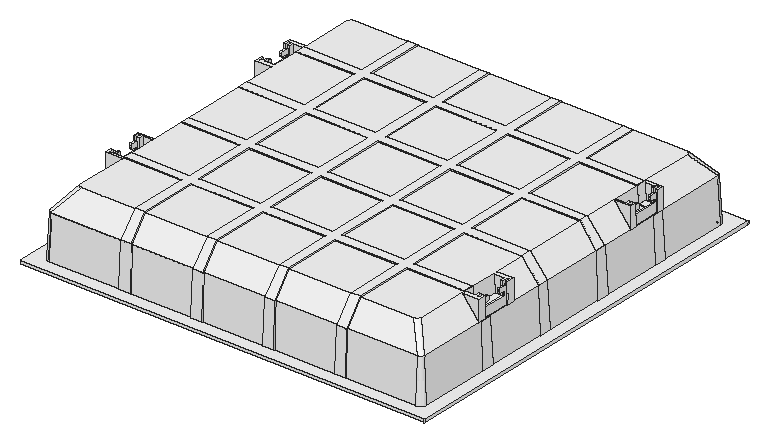
Revit family "STL24910BR_30_40_STL24910PTO_30_40", category Luminárias, Revit 2023
Family settings
  Hospedeiro = Forro
  Cota do conector redondo = Utilizar diâmetro
  Tipo de parte = Normal
  Número OmniClass = 23.80.70.11
  Título OmniClass = Luminaries for Internal Lighting
  Sempre na vertical = Sim
  Corte com vazios quando carregada = Não
  Fonte luminosa = Sim
  Manter orientação da anotação = Não
  Compartilhado = Não
  Ponto de cálculo do ambiente = Não
Parameters (values of type "STL24910BR/30 - BIVOLT - 3000K - 2400lm - 85°")
  Ângulo de inclinação = 90.00°
  Ângulo de Abertura = "85°"
  Wattage = 16.1571 W
  URL = "https://stella.com.br/"
  Troca de temperatura da cor de lâmpada com esmaecimento = <Nenhum>
  Tensão Elétrica = "220V"
  built-in parameter 1150107 = 3000 (stored number, unit not read)
  Temperatura da cor (K) = 3000 K
  Referência = "STL24910BR/30 - BIVOLT"
  Potência = 26 W
  built-in parameter 1150110 = 1 (stored number, unit not read)
  built-in parameter 1150109 = 1 (stored number, unit not read)
  built-in parameter 1114218 = 1 (stored number, unit not read)
  built-in parameter 1150112 = 1 (stored number, unit not read)
  built-in parameter 1150113 = 1 (stored number, unit not read)
  built-in parameter 1150132 = 2
  built-in parameter 1150137 = (empty or 0)
  Modelo = "S.Deep - Luminária de Embutir Super-recuada"
  Luminoso = Luminoso - 3000K
  built-in parameter 1150106 = 12.335 (stored number, unit not read)
  Largura = 0.40 m
  built-in parameter 1150102 = (empty or 0)
  built-in parameter 1150105 = 1233.5 (stored number, unit not read)
  IRC (Índice de reprodução de cores) = ">93 (R9 >60)"
  Grau de proteção (IP) = "IP20"
  Fluxo Luminoso = 2400 lm
  Color Filter = 16777215
  built-in parameter 1114217 = 1 (stored number, unit not read)
  built-in parameter 1150139 = (empty or 0)
  Fabricante = "Stella"
  Estrutura = Al - Branco
  Default Elevation = 0.00 m
  built-in parameter 1150104 = 13.8 (stored number, unit not read)
  Dimerização = "20-100%"
  built-in parameter 1150115 = 1 (stored number, unit not read)
  built-in parameter 1150114 = 1 (stored number, unit not read)
  Lumens = 2400 lm
  built-in parameter 1150138 = (empty or 0)
  built-in parameter 1150134 = (empty or 0)
  Comprimento = 0.40 m
  Arquivo de rede fotométrica = "STELLA - STL24910BR-30 - PAINEL DE EMBUTIR SUPER RECUADO S.DEEP 26W.IES"
  Altura = 0.067 m
  built-in parameter 1150133 = 10 (stored number, unit not read)
Reference planes (m)
  plane 1 "Eixo de origem da luz (F/T)": y = 0
  plane 2: z = 0
  plane 3 "Eixo de origem da luz (E/D)": x = 0
  plane 4 "Forro": z = 2.5015
  plane 5 "Elevação da origem da luz": z = 2.5085
  plane 6: x = -0.2
  plane 7: x = 0.2
  plane 8: y = -0.2
  plane 9: y = 0.2
  plane 10: z = 2.4985
  plane 11 "Superior": z = 2.5655
Forms (m)
  Sweep 1, solid, material "Al - Branco" <- "Estrutura"
    path origin (0, 0, 2.5015) x (0, 1, 0) y (-1, 0, 0)
      loop
        line (0.181131, 0.187123) -> (-0.181131, 0.187123)
        arc (-0.181131, 0.187123) -> (-0.185368, 0.185368) -> (-0.187123, 0.181131) r 0.005992
        line (-0.187123, 0.181131) -> (-0.187123, -0.181131)
        arc (-0.187123, -0.181131) -> (-0.185368, -0.185368) -> (-0.181131, -0.187123) r 0.005992
        line (-0.181131, -0.187123) -> (0.181131, -0.187123)
        arc (0.181131, -0.187123) -> (0.185368, -0.185368) -> (0.187123, -0.181131) r 0.005992
        line (0.187123, -0.181131) -> (0.187123, 0.181131)
        arc (0.187123, 0.181131) -> (0.185368, 0.185368) -> (0.181131, 0.187123) r 0.005992
    profile origin (-0.187123, 0, 2.5015) x (-1, 0, 0) y (0, 0, 1)
      loop
        line (-0.004191, 0.041751) -> (-0.002003, 0) -> (0, 0) -> (-0.002227, 0.0425) -> (-0.004191, 0.041751)
  Blend 2, solid, material "Al - Branco" <- "Estrutura"
    base sketch origin (0, 0, 2.5015) x (0, 1, 0) y (-1, 0, 0)
      loop
        arc (0.184896, 0.181131) -> (0.183793, 0.183793) -> (0.181131, 0.184896) r 0.003764
        line (0.181131, 0.184896) -> (-0.181131, 0.184896)
        arc (-0.181131, 0.184896) -> (-0.183793, 0.183793) -> (-0.184896, 0.181131) r 0.003764
        line (-0.184896, 0.181131) -> (-0.184896, -0.181131)
        arc (-0.184896, -0.181131) -> (-0.183793, -0.183793) -> (-0.181131, -0.184896) r 0.003764
        line (-0.181131, -0.184896) -> (0.181131, -0.184896)
        arc (0.181131, -0.184896) -> (0.183793, -0.183793) -> (0.184896, -0.181131) r 0.003764
        line (0.184896, -0.181131) -> (0.184896, 0.181131)
    top sketch origin (0, 0, 2.5015) x (0, 1, 0) y (-1, 0, 0)
      loop
        arc (0.16832, 0.163831) -> (0.167005, 0.167005) -> (0.163831, 0.16832) r 0.004489
        line (0.163831, 0.16832) -> (-0.163831, 0.16832)
        arc (-0.163831, 0.16832) -> (-0.167005, 0.167005) -> (-0.16832, 0.163831) r 0.004489
        line (-0.16832, 0.163831) -> (-0.16832, -0.163831)
        arc (-0.16832, -0.163831) -> (-0.167005, -0.167005) -> (-0.163831, -0.16832) r 0.004489
        line (-0.163831, -0.16832) -> (0.163831, -0.16832)
        arc (0.163831, -0.16832) -> (0.167005, -0.167005) -> (0.16832, -0.163831) r 0.004489
        line (0.16832, -0.163831) -> (0.16832, 0.163831)
    from 0.0425 to 0.0631
  Extrusion 3, solid, material "Al - Branco" <- "Estrutura"
    sketch origin (0, 0, 0) x (1, 0, 0) y (0, 0, 1)
      loop
        line (0.16832, 2.5646) -> (0.16832, 2.543251) -> (0.182932, 2.543251) -> (0.184896, 2.544) -> (0.184536, 2.5646) -> (0.16832, 2.5646)
    from -0.114467 to -0.071058
  Extrusion 4, void
    sketch origin (0, 0, 0) x (0, 1, 0) y (0, 0, 1)
      loop
        line (0.113143, 2.54173) -> (0.115219, 2.54173) -> (0.115219, 2.56606) -> (0.112725, 2.56606) -> (0.113143, 2.54173)
      loop
        line (0.072857, 2.54173) -> (0.073275, 2.56606) -> (0.070781, 2.56606) -> (0.070781, 2.54173) -> (0.072857, 2.54173)
    from 0.16812 to 0.18512
  Extrusion 5, void
    sketch origin (0, 0, 2.5015) x (0, 1, 0) y (-1, 0, 0)
      loop
        line (0.10689, -0.178482) -> (0.110469, -0.178482) -> (0.110469, -0.166955) -> (0.07554, -0.166955) -> (0.07554, -0.178482) -> (0.079118, -0.178482) -> (0.079118, -0.180798) -> (0.075294, -0.180798) -> (0.075294, -0.182998) -> (0.079118, -0.182998) -> (0.079118, -0.186216) -> (0.10689, -0.186216) -> (0.10689, -0.182998) -> (0.110715, -0.182998) -> (0.110715, -0.180798) -> (0.10689, -0.180798) -> (0.10689, -0.178482)
    from 0.0425 to 0.0636
  Extrusion 6, void
    sketch origin (0, 0, 0) x (1, 0, 0) y (0, 0, 1)
      loop
        line (0.178784, 2.5485) -> (0.178863, 2.544) -> (0.185077, 2.544) -> (0.185077, 2.565984) -> (0.168199, 2.565984) -> (0.169729, 2.5485) -> (0.178784, 2.5485)
    from -0.110469 to -0.07554
  Extrusion 7, solid, material "Al - Branco" <- "Estrutura"
    sketch origin (0, 0, 0) x (0, 1, 0) y (0, 0, 1)
      loop
        arc (0.0775, 2.561) -> (0.076086, 2.560414) -> (0.0755, 2.559) r 0.002
        line (0.0755, 2.559) -> (0.0755, 2.5419) -> (0.0725, 2.5419)
        arc (0.0725, 2.5419) -> (0.071793, 2.541607) -> (0.0715, 2.5409) r 0.001
        line (0.0715, 2.5409) -> (0.0715, 2.5389)
        arc (0.0715, 2.5389) -> (0.071793, 2.538193) -> (0.0725, 2.5379) r 0.001
        line (0.0725, 2.5379) -> (0.1135, 2.5379)
        arc (0.1135, 2.5379) -> (0.114207, 2.538193) -> (0.1145, 2.5389) r 0.001
        line (0.1145, 2.5389) -> (0.1145, 2.5409)
        arc (0.1145, 2.5409) -> (0.114207, 2.541607) -> (0.1135, 2.5419) r 0.001
        line (0.1135, 2.5419) -> (0.1105, 2.5419) -> (0.1105, 2.559)
        arc (0.1105, 2.559) -> (0.109914, 2.560414) -> (0.1085, 2.561) r 0.002
        line (0.1085, 2.561) -> (0.101, 2.561)
        arc (0.101, 2.561) -> (0.100293, 2.560707) -> (0.1, 2.56) r 0.001
        line (0.1, 2.56) -> (0.1, 2.5575)
        arc (0.1, 2.5575) -> (0.100293, 2.556793) -> (0.101, 2.5565) r 0.001
        line (0.101, 2.5565) -> (0.106, 2.5565)
        arc (0.106, 2.5565) -> (0.106354, 2.556354) -> (0.1065, 2.556) r 0.0005
        line (0.1065, 2.556) -> (0.1065, 2.5529)
        arc (0.1065, 2.5529) -> (0.106354, 2.552546) -> (0.106, 2.5524) r 0.0005
        line (0.106, 2.5524) -> (0.08, 2.5524)
        arc (0.08, 2.5524) -> (0.079646, 2.552546) -> (0.0795, 2.5529) r 0.0005
        line (0.0795, 2.5529) -> (0.0795, 2.556)
        arc (0.0795, 2.556) -> (0.079646, 2.556354) -> (0.08, 2.5565) r 0.0005
        line (0.08, 2.5565) -> (0.085, 2.5565)
        arc (0.085, 2.5565) -> (0.085707, 2.556793) -> (0.086, 2.5575) r 0.001
        line (0.086, 2.5575) -> (0.086, 2.56)
        arc (0.086, 2.56) -> (0.085707, 2.560707) -> (0.085, 2.561) r 0.001
        line (0.085, 2.561) -> (0.0775, 2.561)
    from 0.180898 to 0.182898
  Extrusion 8, solid, material "Al - Branco" <- "Estrutura"
    sketch origin (0, 0, 0) x (1, 0, 0) y (0, 0, -1)
      loop
        line (0.16832, -2.5646) -> (0.184536, -2.5646) -> (0.184896, -2.544) -> (0.182932, -2.543251) -> (0.16832, -2.543251) -> (0.16832, -2.5646)
    from -0.114467 to -0.071058
  Extrusion 9, void
    sketch origin (0, 0, 0) x (0, -1, 0) y (0, 0, -1)
      loop
        line (0.113143, -2.54173) -> (0.112725, -2.56606) -> (0.115219, -2.56606) -> (0.115219, -2.54173) -> (0.113143, -2.54173)
      loop
        line (0.072857, -2.54173) -> (0.070781, -2.54173) -> (0.070781, -2.56606) -> (0.073275, -2.56606) -> (0.072857, -2.54173)
    from 0.16812 to 0.18512
  Extrusion 10, void
    sketch origin (0, 0, 2.5015) x (0, 1, 0) y (-1, 0, 0)
      loop
        line (-0.10689, -0.178482) -> (-0.10689, -0.180798) -> (-0.110715, -0.180798) -> (-0.110715, -0.182998) -> (-0.10689, -0.182998) -> (-0.10689, -0.186216) -> (-0.079118, -0.186216) -> (-0.079118, -0.182998) -> (-0.075294, -0.182998) -> (-0.075294, -0.180798) -> (-0.079118, -0.180798) -> (-0.079118, -0.178482) -> (-0.07554, -0.178482) -> (-0.07554, -0.166955) -> (-0.110469, -0.166955) -> (-0.110469, -0.178482) -> (-0.10689, -0.178482)
    from 0.0425 to 0.0636
  Extrusion 11, void
    sketch origin (0, 0, 0) x (1, 0, 0) y (0, 0, -1)
      loop
        line (0.178784, -2.5485) -> (0.169729, -2.5485) -> (0.168199, -2.565984) -> (0.185077, -2.565984) -> (0.185077, -2.544) -> (0.178863, -2.544) -> (0.178784, -2.5485)
    from -0.110469 to -0.07554
  Extrusion 12, solid, material "Al - Branco" <- "Estrutura"
    sketch origin (0, 0, 0) x (0, -1, 0) y (0, 0, -1)
      loop
        line (0.0775, -2.561) -> (0.085, -2.561)
        arc (0.085, -2.561) -> (0.085707, -2.560707) -> (0.086, -2.56) r 0.001
        line (0.086, -2.56) -> (0.086, -2.5575)
        arc (0.086, -2.5575) -> (0.085707, -2.556793) -> (0.085, -2.5565) r 0.001
        line (0.085, -2.5565) -> (0.08, -2.5565)
        arc (0.08, -2.5565) -> (0.079646, -2.556354) -> (0.0795, -2.556) r 0.0005
        line (0.0795, -2.556) -> (0.0795, -2.5529)
        arc (0.0795, -2.5529) -> (0.079646, -2.552546) -> (0.08, -2.5524) r 0.0005
        line (0.08, -2.5524) -> (0.106, -2.5524)
        arc (0.106, -2.5524) -> (0.106354, -2.552546) -> (0.1065, -2.5529) r 0.0005
        line (0.1065, -2.5529) -> (0.1065, -2.556)
        arc (0.1065, -2.556) -> (0.106354, -2.556354) -> (0.106, -2.5565) r 0.0005
        line (0.106, -2.5565) -> (0.101, -2.5565)
        arc (0.101, -2.5565) -> (0.100293, -2.556793) -> (0.1, -2.5575) r 0.001
        line (0.1, -2.5575) -> (0.1, -2.56)
        arc (0.1, -2.56) -> (0.100293, -2.560707) -> (0.101, -2.561) r 0.001
        line (0.101, -2.561) -> (0.1085, -2.561)
        arc (0.1085, -2.561) -> (0.109914, -2.560414) -> (0.1105, -2.559) r 0.002
        line (0.1105, -2.559) -> (0.1105, -2.5419) -> (0.1135, -2.5419)
        arc (0.1135, -2.5419) -> (0.114207, -2.541607) -> (0.1145, -2.5409) r 0.001
        line (0.1145, -2.5409) -> (0.1145, -2.5389)
        arc (0.1145, -2.5389) -> (0.114207, -2.538193) -> (0.1135, -2.5379) r 0.001
        line (0.1135, -2.5379) -> (0.0725, -2.5379)
        arc (0.0725, -2.5379) -> (0.071793, -2.538193) -> (0.0715, -2.5389) r 0.001
        line (0.0715, -2.5389) -> (0.0715, -2.5409)
        arc (0.0715, -2.5409) -> (0.071793, -2.541607) -> (0.0725, -2.5419) r 0.001
        line (0.0725, -2.5419) -> (0.0755, -2.5419) -> (0.0755, -2.559)
        arc (0.0755, -2.559) -> (0.076086, -2.560414) -> (0.0775, -2.561) r 0.002
    from 0.180898 to 0.182898
  Extrusion 13, solid, material "Al - Branco" <- "Estrutura"
    sketch origin (0, 0, 0) x (-1, 0, 0) y (0, 0, -1)
      loop
        line (0.16832, -2.5646) -> (0.184536, -2.5646) -> (0.184896, -2.544) -> (0.182932, -2.543251) -> (0.16832, -2.543251) -> (0.16832, -2.5646)
    from -0.114467 to -0.071058
  Extrusion 14, void
    sketch origin (0, 0, 0) x (0, 1, 0) y (0, 0, -1)
      loop
        line (0.113143, -2.54173) -> (0.112725, -2.56606) -> (0.115219, -2.56606) -> (0.115219, -2.54173) -> (0.113143, -2.54173)
      loop
        line (0.072857, -2.54173) -> (0.070781, -2.54173) -> (0.070781, -2.56606) -> (0.073275, -2.56606) -> (0.072857, -2.54173)
    from 0.16812 to 0.18512
  Extrusion 15, void
    sketch origin (0, 0, 2.5015) x (0, -1, 0) y (1, 0, 0)
      loop
        line (-0.10689, -0.178482) -> (-0.10689, -0.180798) -> (-0.110715, -0.180798) -> (-0.110715, -0.182998) -> (-0.10689, -0.182998) -> (-0.10689, -0.186216) -> (-0.079118, -0.186216) -> (-0.079118, -0.182998) -> (-0.075294, -0.182998) -> (-0.075294, -0.180798) -> (-0.079118, -0.180798) -> (-0.079118, -0.178482) -> (-0.07554, -0.178482) -> (-0.07554, -0.166955) -> (-0.110469, -0.166955) -> (-0.110469, -0.178482) -> (-0.10689, -0.178482)
    from 0.0425 to 0.0636
  Extrusion 16, void
    sketch origin (0, 0, 0) x (-1, 0, 0) y (0, 0, -1)
      loop
        line (0.178784, -2.5485) -> (0.169729, -2.5485) -> (0.168199, -2.565984) -> (0.185077, -2.565984) -> (0.185077, -2.544) -> (0.178863, -2.544) -> (0.178784, -2.5485)
    from -0.110469 to -0.07554
  Extrusion 17, solid, material "Al - Branco" <- "Estrutura"
    sketch origin (0, 0, 0) x (0, 1, 0) y (0, 0, -1)
      loop
        line (0.0775, -2.561) -> (0.085, -2.561)
        arc (0.085, -2.561) -> (0.085707, -2.560707) -> (0.086, -2.56) r 0.001
        line (0.086, -2.56) -> (0.086, -2.5575)
        arc (0.086, -2.5575) -> (0.085707, -2.556793) -> (0.085, -2.5565) r 0.001
        line (0.085, -2.5565) -> (0.08, -2.5565)
        arc (0.08, -2.5565) -> (0.079646, -2.556354) -> (0.0795, -2.556) r 0.0005
        line (0.0795, -2.556) -> (0.0795, -2.5529)
        arc (0.0795, -2.5529) -> (0.079646, -2.552546) -> (0.08, -2.5524) r 0.0005
        line (0.08, -2.5524) -> (0.106, -2.5524)
        arc (0.106, -2.5524) -> (0.106354, -2.552546) -> (0.1065, -2.5529) r 0.0005
        line (0.1065, -2.5529) -> (0.1065, -2.556)
        arc (0.1065, -2.556) -> (0.106354, -2.556354) -> (0.106, -2.5565) r 0.0005
        line (0.106, -2.5565) -> (0.101, -2.5565)
        arc (0.101, -2.5565) -> (0.100293, -2.556793) -> (0.1, -2.5575) r 0.001
        line (0.1, -2.5575) -> (0.1, -2.56)
        arc (0.1, -2.56) -> (0.100293, -2.560707) -> (0.101, -2.561) r 0.001
        line (0.101, -2.561) -> (0.1085, -2.561)
        arc (0.1085, -2.561) -> (0.109914, -2.560414) -> (0.1105, -2.559) r 0.002
        line (0.1105, -2.559) -> (0.1105, -2.5419) -> (0.1135, -2.5419)
        arc (0.1135, -2.5419) -> (0.114207, -2.541607) -> (0.1145, -2.5409) r 0.001
        line (0.1145, -2.5409) -> (0.1145, -2.5389)
        arc (0.1145, -2.5389) -> (0.114207, -2.538193) -> (0.1135, -2.5379) r 0.001
        line (0.1135, -2.5379) -> (0.0725, -2.5379)
        arc (0.0725, -2.5379) -> (0.071793, -2.538193) -> (0.0715, -2.5389) r 0.001
        line (0.0715, -2.5389) -> (0.0715, -2.5409)
        arc (0.0715, -2.5409) -> (0.071793, -2.541607) -> (0.0725, -2.5419) r 0.001
        line (0.0725, -2.5419) -> (0.0755, -2.5419) -> (0.0755, -2.559)
        arc (0.0755, -2.559) -> (0.076086, -2.560414) -> (0.0775, -2.561) r 0.002
    from 0.180898 to 0.182898
  Extrusion 18, solid, material "Al - Branco" <- "Estrutura"
    sketch origin (0, 0, 0) x (-1, 0, 0) y (0, 0, 1)
      loop
        line (0.16832, 2.5646) -> (0.16832, 2.543251) -> (0.182932, 2.543251) -> (0.184896, 2.544) -> (0.184536, 2.5646) -> (0.16832, 2.5646)
    from -0.114467 to -0.071058
  Extrusion 19, void
    sketch origin (0, 0, 0) x (0, -1, 0) y (0, 0, 1)
      loop
        line (0.113143, 2.54173) -> (0.115219, 2.54173) -> (0.115219, 2.56606) -> (0.112725, 2.56606) -> (0.113143, 2.54173)
      loop
        line (0.072857, 2.54173) -> (0.073275, 2.56606) -> (0.070781, 2.56606) -> (0.070781, 2.54173) -> (0.072857, 2.54173)
    from 0.16812 to 0.18512
  Extrusion 20, void
    sketch origin (0, 0, 2.5015) x (0, -1, 0) y (1, 0, 0)
      loop
        line (0.10689, -0.178482) -> (0.110469, -0.178482) -> (0.110469, -0.166955) -> (0.07554, -0.166955) -> (0.07554, -0.178482) -> (0.079118, -0.178482) -> (0.079118, -0.180798) -> (0.075294, -0.180798) -> (0.075294, -0.182998) -> (0.079118, -0.182998) -> (0.079118, -0.186216) -> (0.10689, -0.186216) -> (0.10689, -0.182998) -> (0.110715, -0.182998) -> (0.110715, -0.180798) -> (0.10689, -0.180798) -> (0.10689, -0.178482)
    from 0.0425 to 0.0636
  Extrusion 21, void
    sketch origin (0, 0, 0) x (-1, 0, 0) y (0, 0, 1)
      loop
        line (0.178784, 2.5485) -> (0.178863, 2.544) -> (0.185077, 2.544) -> (0.185077, 2.565984) -> (0.168199, 2.565984) -> (0.169729, 2.5485) -> (0.178784, 2.5485)
    from -0.110469 to -0.07554
  Extrusion 22, solid, material "Al - Branco" <- "Estrutura"
    sketch origin (0, 0, 0) x (0, -1, 0) y (0, 0, 1)
      loop
        arc (0.0775, 2.561) -> (0.076086, 2.560414) -> (0.0755, 2.559) r 0.002
        line (0.0755, 2.559) -> (0.0755, 2.5419) -> (0.0725, 2.5419)
        arc (0.0725, 2.5419) -> (0.071793, 2.541607) -> (0.0715, 2.5409) r 0.001
        line (0.0715, 2.5409) -> (0.0715, 2.5389)
        arc (0.0715, 2.5389) -> (0.071793, 2.538193) -> (0.0725, 2.5379) r 0.001
        line (0.0725, 2.5379) -> (0.1135, 2.5379)
        arc (0.1135, 2.5379) -> (0.114207, 2.538193) -> (0.1145, 2.5389) r 0.001
        line (0.1145, 2.5389) -> (0.1145, 2.5409)
        arc (0.1145, 2.5409) -> (0.114207, 2.541607) -> (0.1135, 2.5419) r 0.001
        line (0.1135, 2.5419) -> (0.1105, 2.5419) -> (0.1105, 2.559)
        arc (0.1105, 2.559) -> (0.109914, 2.560414) -> (0.1085, 2.561) r 0.002
        line (0.1085, 2.561) -> (0.101, 2.561)
        arc (0.101, 2.561) -> (0.100293, 2.560707) -> (0.1, 2.56) r 0.001
        line (0.1, 2.56) -> (0.1, 2.5575)
        arc (0.1, 2.5575) -> (0.100293, 2.556793) -> (0.101, 2.5565) r 0.001
        line (0.101, 2.5565) -> (0.106, 2.5565)
        arc (0.106, 2.5565) -> (0.106354, 2.556354) -> (0.1065, 2.556) r 0.0005
        line (0.1065, 2.556) -> (0.1065, 2.5529)
        arc (0.1065, 2.5529) -> (0.106354, 2.552546) -> (0.106, 2.5524) r 0.0005
        line (0.106, 2.5524) -> (0.08, 2.5524)
        arc (0.08, 2.5524) -> (0.079646, 2.552546) -> (0.0795, 2.5529) r 0.0005
        line (0.0795, 2.5529) -> (0.0795, 2.556)
        arc (0.0795, 2.556) -> (0.079646, 2.556354) -> (0.08, 2.5565) r 0.0005
        line (0.08, 2.5565) -> (0.085, 2.5565)
        arc (0.085, 2.5565) -> (0.085707, 2.556793) -> (0.086, 2.5575) r 0.001
        line (0.086, 2.5575) -> (0.086, 2.56)
        arc (0.086, 2.56) -> (0.085707, 2.560707) -> (0.085, 2.561) r 0.001
        line (0.085, 2.561) -> (0.0775, 2.561)
    from 0.180898 to 0.182898
  Sweep 23, solid, material "Al - Branco" <- "Estrutura"
    path origin (0, 0, 2.5015) x (0, 1, 0) y (-1, 0, 0)
      loop
        line (0.181131, 0.187123) -> (-0.181131, 0.187123)
        arc (-0.181131, 0.187123) -> (-0.185368, 0.185368) -> (-0.187123, 0.181131) r 0.005992
        line (-0.187123, 0.181131) -> (-0.187123, -0.181131)
        arc (-0.187123, -0.181131) -> (-0.185368, -0.185368) -> (-0.181131, -0.187123) r 0.005992
        line (-0.181131, -0.187123) -> (0.181131, -0.187123)
        arc (0.181131, -0.187123) -> (0.185368, -0.185368) -> (0.187123, -0.181131) r 0.005992
        line (0.187123, -0.181131) -> (0.187123, 0.181131)
        arc (0.187123, 0.181131) -> (0.185368, 0.185368) -> (0.181131, 0.187123) r 0.005992
    profile origin (-0.187123, 0, 2.5015) x (-1, 0, 0) y (0, 0, 1)
      loop
        line (-0.001502, 0) -> (0.0005, 0) -> (-0.001727, 0.0425) -> (-0.00369, 0.041751) -> (-0.001502, 0)
  Blend 24, solid, material "Al - Branco" <- "Estrutura"
    base sketch origin (0, 0, 2.5015) x (0, 1, 0) y (-1, 0, 0)
      loop
        arc (0.185396, 0.181131) -> (0.184147, 0.184147) -> (0.181131, 0.185396) r 0.004264
        line (0.181131, 0.185396) -> (-0.181131, 0.185396)
        arc (-0.181131, 0.185396) -> (-0.184147, 0.184147) -> (-0.185396, 0.181131) r 0.004264
        line (-0.185396, 0.181131) -> (-0.185396, -0.181131)
        arc (-0.185396, -0.181131) -> (-0.184147, -0.184147) -> (-0.181131, -0.185396) r 0.004264
        line (-0.181131, -0.185396) -> (0.181131, -0.185396)
        arc (0.181131, -0.185396) -> (0.184147, -0.184147) -> (0.185396, -0.181131) r 0.004264
        line (0.185396, -0.181131) -> (0.185396, 0.181131)
    top sketch origin (0, 0, 2.5015) x (0, 1, 0) y (-1, 0, 0)
      loop
        line (0.163831, 0.16832) -> (-0.163831, 0.16832)
        arc (-0.163831, 0.16832) -> (-0.167005, 0.167005) -> (-0.16832, 0.163831) r 0.004489
        line (-0.16832, 0.163831) -> (-0.16832, -0.163831)
        arc (-0.16832, -0.163831) -> (-0.167005, -0.167005) -> (-0.163831, -0.16832) r 0.004489
        line (-0.163831, -0.16832) -> (0.163831, -0.16832)
        arc (0.163831, -0.16832) -> (0.167005, -0.167005) -> (0.16832, -0.163831) r 0.004489
        line (0.16832, -0.163831) -> (0.16832, 0.163831)
        arc (0.16832, 0.163831) -> (0.167005, 0.167005) -> (0.163831, 0.16832) r 0.004489
    from 0.0425 to 0.0636
  Extrusion 25, void
    sketch origin (0, 0, 2.5085) x (-1, 0, 0) y (0, -1, 0)
      loop
        line (0.111, -0.111) -> (0.111, -0.16812) -> (0.111357, -0.184795) -> (0.113142, -0.19038) -> (0.191503, -0.19038) -> (0.191503, -0.113559) -> (0.183813, -0.111) -> (0.111, -0.111)
      loop
        line (0.111, 0.102009) -> (0.111, 0.04) -> (0.16812, 0.04) -> (0.184795, 0.040357) -> (0.19038, 0.042142) -> (0.19038, 0.099867) -> (0.184795, 0.101651) -> (0.16812, 0.102009) -> (0.111, 0.102009)
      loop
        line (0.111, 0.031009) -> (0.111, -0.031009) -> (0.16812, -0.031009) -> (0.184795, -0.030651) -> (0.19038, -0.028867) -> (0.19038, 0.028867) -> (0.184795, 0.030651) -> (0.16812, 0.031009) -> (0.111, 0.031009)
      loop
        line (0.111, -0.04) -> (0.111, -0.102) -> (0.16812, -0.102) -> (0.184795, -0.101643) -> (0.19038, -0.099858) -> (0.19038, -0.042142) -> (0.184795, -0.040357) -> (0.16812, -0.04) -> (0.111, -0.04)
      loop
        line (-0.111, -0.111) -> (-0.183813, -0.111) -> (-0.191503, -0.113559) -> (-0.191503, -0.19038) -> (-0.113142, -0.19038) -> (-0.111357, -0.184795) -> (-0.111, -0.16812) -> (-0.111, -0.111)
      loop
        line (0.111, 0.111) -> (0.183813, 0.111) -> (0.191503, 0.113559) -> (0.191503, 0.19038) -> (0.113142, 0.19038) -> (0.111357, 0.184795) -> (0.111, 0.16812) -> (0.111, 0.111)
      loop
        line (0.102009, 0.111) -> (0.102009, 0.16812) -> (0.101651, 0.184795) -> (0.099867, 0.19038) -> (0.042142, 0.19038) -> (0.040357, 0.184795) -> (0.04, 0.16812) -> (0.04, 0.111) -> (0.102009, 0.111)
      loop
        line (0.031009, 0.111) -> (0.031009, 0.16812) -> (0.030651, 0.184795) -> (0.028867, 0.19038) -> (-0.028867, 0.19038) -> (-0.030651, 0.184795) -> (-0.031009, 0.16812) -> (-0.031009, 0.111) -> (0.031009, 0.111)
      loop
        line (-0.04, 0.111) -> (-0.04, 0.16812) -> (-0.040357, 0.184795) -> (-0.042142, 0.19038) -> (-0.099858, 0.19038) -> (-0.101643, 0.184795) -> (-0.102, 0.16812) -> (-0.102, 0.111) -> (-0.04, 0.111)
      loop
        line (-0.111, 0.111) -> (-0.111, 0.16812) -> (-0.111357, 0.184795) -> (-0.113142, 0.19038) -> (-0.191503, 0.19038) -> (-0.191503, 0.113559) -> (-0.183813, 0.111) -> (-0.111, 0.111)
      loop
        line (-0.111, 0.102009) -> (-0.16812, 0.102009) -> (-0.184795, 0.101651) -> (-0.19038, 0.099867) -> (-0.19038, 0.042142) -> (-0.184795, 0.040357) -> (-0.16812, 0.04) -> (-0.111, 0.04) -> (-0.111, 0.102009)
      loop
        line (-0.111, 0.031009) -> (-0.16812, 0.031009) -> (-0.184795, 0.030651) -> (-0.19038, 0.028867) -> (-0.19038, -0.028867) -> (-0.184795, -0.030651) -> (-0.16812, -0.031009) -> (-0.111, -0.031009) -> (-0.111, 0.031009)
      loop
        line (-0.111, -0.04) -> (-0.16812, -0.04) -> (-0.184795, -0.040357) -> (-0.19038, -0.042142) -> (-0.19038, -0.099858) -> (-0.184795, -0.101643) -> (-0.16812, -0.102) -> (-0.111, -0.102) -> (-0.111, -0.04)
      loop
        line (0.102009, -0.102) -> (0.102009, -0.04) -> (0.04, -0.04) -> (0.04, -0.102) -> (0.102009, -0.102)
      loop
        line (0.031, -0.102) -> (0.031, -0.04) -> (-0.031009, -0.04) -> (-0.031009, -0.102) -> (0.031, -0.102)
      loop
        line (-0.04, -0.04) -> (-0.102009, -0.04) -> (-0.102009, -0.102) -> (-0.04, -0.102) -> (-0.04, -0.04)
      loop
        line (0.102009, 0.102009) -> (0.04, 0.102009) -> (0.04, 0.04) -> (0.102009, 0.04) -> (0.102009, 0.102009)
      loop
        line (0.102009, 0.031009) -> (0.04, 0.031009) -> (0.04, -0.031009) -> (0.102009, -0.031009) -> (0.102009, 0.031009)
      loop
        line (0.031, -0.031009) -> (0.031, 0.031009) -> (-0.031009, 0.031009) -> (-0.031009, -0.031009) -> (0.031, -0.031009)
      loop
        line (-0.04, -0.031009) -> (-0.04, 0.031009) -> (-0.102009, 0.031009) -> (-0.102009, -0.031009) -> (-0.04, -0.031009)
      loop
        line (-0.04, 0.102009) -> (-0.102, 0.102009) -> (-0.102, 0.04) -> (-0.04, 0.04) -> (-0.04, 0.102009)
      loop
        line (0.031, 0.102009) -> (-0.031009, 0.102009) -> (-0.031009, 0.04) -> (0.031, 0.04) -> (0.031, 0.102009)
      loop
        line (0.102009, -0.111) -> (0.04, -0.111) -> (0.04, -0.16812) -> (0.040357, -0.184795) -> (0.042142, -0.19038) -> (0.099867, -0.19038) -> (0.101651, -0.184795) -> (0.102009, -0.16812) -> (0.102009, -0.111)
      loop
        line (0.031009, -0.111) -> (-0.031009, -0.111) -> (-0.031009, -0.16812) -> (-0.030651, -0.184795) -> (-0.028867, -0.19038) -> (0.028867, -0.19038) -> (0.030651, -0.184795) -> (0.031009, -0.16812) -> (0.031009, -0.111)
      loop
        line (-0.04, -0.111) -> (-0.102, -0.111) -> (-0.102, -0.16812) -> (-0.101643, -0.184795) -> (-0.099858, -0.19038) -> (-0.042142, -0.19038) -> (-0.040357, -0.184795) -> (-0.04, -0.16812) -> (-0.04, -0.111)
    from -0.01 to 0.0566
  Blend 26, void
    base sketch origin (0, 0, 2.5015) x (0, 1, 0) y (-1, 0, 0)
      loop
        line (0.181075, 0.183299) -> (-0.181075, 0.183299)
        arc (-0.181075, 0.183299) -> (-0.182647, 0.182647) -> (-0.183299, 0.181075) r 0.002224
        line (-0.183299, 0.181075) -> (-0.183299, -0.181075)
        arc (-0.183299, -0.181075) -> (-0.182647, -0.182647) -> (-0.181075, -0.183299) r 0.002224
        line (-0.181075, -0.183299) -> (0.181075, -0.183299)
        arc (0.181075, -0.183299) -> (0.182647, -0.182647) -> (0.183299, -0.181075) r 0.002224
        line (0.183299, -0.181075) -> (0.183299, 0.181075)
        arc (0.183299, 0.181075) -> (0.182647, 0.182647) -> (0.181075, 0.183299) r 0.002224
    top sketch origin (0, 0, 2.5015) x (0, 1, 0) y (-1, 0, 0)
      loop
        line (0.166251, 0.168) -> (-0.166251, 0.168)
        arc (-0.166251, 0.168) -> (-0.167488, 0.167488) -> (-0.168, 0.166251) r 0.001749
        line (-0.168, 0.166251) -> (-0.168, -0.166251)
        arc (-0.168, -0.166251) -> (-0.167488, -0.167488) -> (-0.166251, -0.168) r 0.001749
        line (-0.166251, -0.168) -> (0.166251, -0.168)
        arc (0.166251, -0.168) -> (0.167488, -0.167488) -> (0.168, -0.166251) r 0.001749
        line (0.168, -0.166251) -> (0.168, 0.166251)
        arc (0.168, 0.166251) -> (0.167488, 0.167488) -> (0.166251, 0.168) r 0.001749
    from -0.003 to 0.037
  Blend 27, solid, material "Al - Branco" <- "Estrutura"
    base sketch origin (0, 0, 2.5015) x (0, 1, 0) y (-1, 0, 0)
      loop
        line (0.185799, -0.181075) -> (0.185799, 0.181075)
        arc (0.185799, 0.181075) -> (0.184415, 0.184415) -> (0.181075, 0.185799) r 0.004724
        line (0.181075, 0.185799) -> (-0.181075, 0.185799)
        arc (-0.181075, 0.185799) -> (-0.184415, 0.184415) -> (-0.185799, 0.181075) r 0.004724
        line (-0.185799, 0.181075) -> (-0.185799, -0.181075)
        arc (-0.185799, -0.181075) -> (-0.184415, -0.184415) -> (-0.181075, -0.185799) r 0.004724
        line (-0.181075, -0.185799) -> (0.181075, -0.185799)
        arc (0.181075, -0.185799) -> (0.184415, -0.184415) -> (0.185799, -0.181075) r 0.004724
    top sketch origin (0, 0, 2.5015) x (0, 1, 0) y (-1, 0, 0)
      loop
        line (0.1705, -0.166251) -> (0.1705, 0.166251)
        arc (0.1705, 0.166251) -> (0.169255, 0.169255) -> (0.166251, 0.1705) r 0.004249
        line (0.166251, 0.1705) -> (-0.166251, 0.1705)
        arc (-0.166251, 0.1705) -> (-0.169255, 0.169255) -> (-0.1705, 0.166251) r 0.004249
        line (-0.1705, 0.166251) -> (-0.1705, -0.166251)
        arc (-0.1705, -0.166251) -> (-0.169255, -0.169255) -> (-0.166251, -0.1705) r 0.004249
        line (-0.166251, -0.1705) -> (0.166251, -0.1705)
        arc (0.166251, -0.1705) -> (0.169255, -0.169255) -> (0.1705, -0.166251) r 0.004249
    from -0.003 to 0.037
  Extrusion 28, solid, material "Al - Branco" <- "Estrutura"
    sketch origin (0, 0, 2.5015) x (0, 1, 0) y (-1, 0, 0)
      loop
        line (0.199301, 0.2) -> (-0.199301, 0.2)
        arc (-0.199301, 0.2) -> (-0.199795, 0.199795) -> (-0.2, 0.199301) r 0.000699
        line (-0.2, 0.199301) -> (-0.2, -0.199301)
        arc (-0.2, -0.199301) -> (-0.199795, -0.199795) -> (-0.199301, -0.2) r 0.000699
        line (-0.199301, -0.2) -> (0.199301, -0.2)
        arc (0.199301, -0.2) -> (0.199795, -0.199795) -> (0.2, -0.199301) r 0.000699
        line (0.2, -0.199301) -> (0.2, 0.199301)
        arc (0.2, 0.199301) -> (0.199795, 0.199795) -> (0.199301, 0.2) r 0.000699
    from -0.003 to 0
  Extrusion 29, solid, material "Luminoso - 3000K" <- "Luminoso"
    sketch origin (0, 0, 0) x (1, 0, 0) y (0, 0, 1)
      loop
        line (0.1775, 2.5385) -> (0.1775, 2.5395) -> (-0.1775, 2.5395) -> (-0.1775, 2.5385) -> (0.1775, 2.5385)
    from -0.1775 to 0.1775
  Extrusion 30, void
    sketch origin (0, 0, 0) x (-1, 0, 0) y (0, 0, -1)
      loop
        line (0.186333, -2.5443) -> (0.179157, -2.5443) -> (0.179079, -2.5488) -> (0.170003, -2.5488) -> (0.1685, -2.565984) -> (0.186333, -2.565984) -> (0.186333, -2.5443)
    from -0.111548 to -0.096836
  Extrusion 31, void
    sketch origin (0, 0, 0) x (-1, 0, 0) y (0, 0, 1)
      loop
        line (0.186333, 2.5443) -> (0.186333, 2.565984) -> (0.1685, 2.565984) -> (0.170003, 2.5488) -> (0.179079, 2.5488) -> (0.179157, 2.5443) -> (0.186333, 2.5443)
    from -0.111548 to -0.096836
  Extrusion 32, void
    sketch origin (0, 0, 0) x (1, 0, 0) y (0, 0, 1)
      loop
        line (0.186333, 2.5443) -> (0.186333, 2.565984) -> (0.1685, 2.565984) -> (0.170003, 2.5488) -> (0.179079, 2.5488) -> (0.179157, 2.5443) -> (0.186333, 2.5443)
    from -0.111548 to -0.096836
  Extrusion 33, void
    sketch origin (0, 0, 0) x (1, 0, 0) y (0, 0, -1)
      loop
        line (0.186333, -2.5443) -> (0.179157, -2.5443) -> (0.179079, -2.5488) -> (0.170003, -2.5488) -> (0.1685, -2.565984) -> (0.186333, -2.565984) -> (0.186333, -2.5443)
    from -0.111548 to -0.096836
  Extrusion 34, void
    sketch origin (0, 0, 2.5015) x (0, 1, 0) y (-1, 0, 0)
      loop
        line (0.2, 0.2) -> (-0.2, 0.2) -> (-0.2, -0.2) -> (0.2, -0.2) -> (0.2, 0.2)
    from -0.003 to 0.064
Cuts and joins
  Extrusion 9, Extrusion 14, Extrusion 16 cuts Extrusion 7
  Extrusion 9, Extrusion 19, Extrusion 21 cuts Extrusion 12
  Extrusion 14, Extrusion 31, Extrusion 32 cuts Extrusion 17
  Extrusion 19, Extrusion 33 cuts Extrusion 22
  Extrusion 25, Extrusion 30, Extrusion 31, Extrusion 32, Extrusion 33 cuts Blend 24
  Extrusion 5 cuts Sweep 1
  Extrusion 6, Extrusion 11, Extrusion 16, Extrusion 21 cuts Blend 2
  Extrusion 4, Extrusion 5 cuts Extrusion 3
  Extrusion 10 cuts Extrusion 8
  Extrusion 15 cuts Extrusion 13
  Extrusion 19, Extrusion 20 cuts Extrusion 18
  Extrusion 25, Extrusion 30, Extrusion 31 cuts Sweep 23
  Blend 26 cuts Blend 27
  Blend 26 cuts Extrusion 28
  joined: Sweep 1, Blend 2, Extrusion 3, Extrusion 8, Extrusion 13, Extrusion 18, Sweep 23, Blend 27, Extrusion 28
Dimensions and locks (m)
  equal spacing: host sketch curve, plane 3 "Eixo de origem da luz (E/D)", host sketch curve
  equal spacing: host sketch curve, plane 1 "Eixo de origem da luz (F/T)", host sketch curve
  host sketch curve to host sketch curve = 0.43 m  (x2)
  plane 4 "Forro" to host ceiling = 0.00 m
  "Comprimento": plane 9 to plane 8
  "Largura": plane 6 to plane 7
  "Altura": plane 10 to plane 11 "Superior"
Automatic sketch dimensions
  plane 8 to Sweep 1 sketch curve = 0.012877 m
  Sweep 1 sketch curve to Sweep 1 sketch curve = 0.005992 m  (x3)
  Sweep 1 sketch curve to plane 9 = 0.018869 m  (x2)
  Sweep 1 sketch curve to plane 7 = 0.012877 m
  plane 6 to Sweep 1 sketch curve = 0.018869 m
  profile plane to Sweep 1 sketch curve = 0.004191 m
  Sweep 1 sketch curve to Sweep 1 sketch curve = 0.001963 m
  plane 4 "Forro" to Sweep 1 sketch curve = 0.00 m
  profile plane to Sweep 1 sketch curve = 0.002003 m
  Sweep 1 sketch curve to profile plane = 0.00 m
  Sweep 1 sketch curve to plane 4 "Forro" = 0.041751 m
  Sweep 1 sketch curve to Sweep 1 sketch curve = 0.000749 m
  plane 8 to Blend 2 sketch curve = 0.015104 m
  Blend 2 sketch curve to Blend 2 sketch curve = 0.003764 m  (x3)
  Blend 2 sketch curve to plane 9 = 0.018869 m  (x2)
  Blend 2 sketch curve to plane 7 = 0.015104 m
  plane 6 to Blend 2 sketch curve = 0.018869 m
  plane 8 to Blend 2 sketch curve = 0.03168 m
  Blend 2 sketch curve to Blend 2 sketch curve = 0.004489 m  (x3)
  Blend 2 sketch curve to plane 9 = 0.036169 m  (x2)
  Blend 2 sketch curve to plane 7 = 0.03168 m
  plane 6 to Blend 2 sketch curve = 0.036169 m
  Extrusion 3 sketch curve to plane 7 = 0.03168 m
  Extrusion 3 sketch curve to Extrusion 3 sketch curve = 0.014612 m
  Extrusion 3 sketch curve to plane 7 = 0.015464 m
  Extrusion 3 sketch curve to Extrusion 3 sketch curve = 0.001963 m
  Extrusion 3 sketch curve to plane 5 "Elevação da origem da luz" = 0.034751 m
  Extrusion 3 sketch curve to Extrusion 3 sketch curve = 0.000749 m
  Extrusion 3 sketch curve to Extrusion 3 sketch curve = 0.0206 m
  Extrusion 4 sketch curve to plane 5 "Elevação da origem da luz" = 0.03323 m  (x2)
  Extrusion 4 sketch curve to plane 1 "Eixo de origem da luz (F/T)" = 0.070781 m
  Extrusion 4 sketch curve to Extrusion 4 sketch curve = 0.002076 m
  Extrusion 4 sketch curve to Extrusion 4 sketch curve = 0.002494 m  (x2)
  Extrusion 4 sketch curve to Extrusion 4 sketch curve = 0.03945 m
  Extrusion 4 sketch curve to Extrusion 4 sketch curve = 0.000418 m
  Extrusion 4 sketch curve to Extrusion 4 sketch curve = 0.02433 m  (x2)
  Extrusion 5 sketch curve to plane 7 = 0.019202 m  (x2)
  Extrusion 5 sketch curve to plane 1 "Eixo de origem da luz (F/T)" = 0.075294 m
  Extrusion 5 sketch curve to Extrusion 5 sketch curve = 0.000246 m  (x2)
  Extrusion 5 sketch curve to Extrusion 5 sketch curve = 0.003825 m
  Extrusion 5 sketch curve to Extrusion 5 sketch curve = 0.00 m  (x2)
  Extrusion 5 sketch curve to Extrusion 5 sketch curve = 0.027772 m
  Extrusion 5 sketch curve to Extrusion 5 sketch curve = 0.003579 m
  Extrusion 5 sketch curve to Extrusion 5 sketch curve = 0.0022 m  (x2)
  Extrusion 5 sketch curve to Extrusion 5 sketch curve = 0.003218 m
  Extrusion 5 sketch curve to Extrusion 5 sketch curve = 0.002316 m  (x2)
  Extrusion 5 sketch curve to Extrusion 5 sketch curve = 0.011527 m
  Extrusion 6 sketch curve to plane 7 = 0.031801 m
  Extrusion 6 sketch curve to Extrusion 6 sketch curve = 0.00153 m
  Extrusion 6 sketch curve to Extrusion 6 sketch curve = 0.009056 m
  Extrusion 6 sketch curve to Extrusion 6 sketch curve = 0.000079 m
  Extrusion 6 sketch curve to plane 7 = 0.014923 m
  Extrusion 6 sketch curve to plane 5 "Elevação da origem da luz" = 0.0355 m
  Extrusion 6 sketch curve to Extrusion 6 sketch curve = 0.0045 m
  Extrusion 6 sketch curve to Extrusion 6 sketch curve = 0.017484 m
  Extrusion 7 sketch curve to plane 5 "Elevação da origem da luz" = 0.0324 m  (x2)
  Extrusion 7 sketch curve to plane 1 "Eixo de origem da luz (F/T)" = 0.0715 m
  Extrusion 7 sketch curve to Extrusion 7 sketch curve = 0.001 m  (x6)
  Extrusion 7 sketch curve to Extrusion 7 sketch curve = 0.003 m  (x2)
  Extrusion 7 sketch curve to Extrusion 7 sketch curve = 0.002 m  (x3)
  Extrusion 7 sketch curve to Extrusion 7 sketch curve = 0.0005 m  (x3)
  Extrusion 7 sketch curve to Extrusion 7 sketch curve = 0.005 m  (x2)
  Extrusion 7 sketch curve to Extrusion 7 sketch curve = 0.00 m  (x3)
  Extrusion 7 sketch curve to Extrusion 7 sketch curve = 0.014 m
  Extrusion 7 sketch curve to Extrusion 7 sketch curve = 0.0025 m  (x3)
  Extrusion 7 sketch curve to Extrusion 7 sketch curve = 0.0045 m
  Extrusion 7 sketch curve to Extrusion 7 sketch curve = 0.0105 m
  Extrusion 7 sketch curve to Extrusion 7 sketch curve = 0.0031 m  (x2)
  Extrusion 8 sketch curve to plane 7 = 0.03168 m
  Extrusion 8 sketch curve to Extrusion 8 sketch curve = 0.014612 m
  Extrusion 8 sketch curve to plane 7 = 0.015464 m
  Extrusion 8 sketch curve to Extrusion 8 sketch curve = 0.001963 m
  Extrusion 8 sketch curve to plane 5 "Elevação da origem da luz" = 0.0561 m
  Extrusion 8 sketch curve to Extrusion 8 sketch curve = 0.0206 m
  Extrusion 8 sketch curve to Extrusion 8 sketch curve = 0.000749 m
  Extrusion 9 sketch curve to plane 5 "Elevação da origem da luz" = 0.03323 m  (x2)
  plane 1 "Eixo de origem da luz (F/T)" to Extrusion 9 sketch curve = 0.070781 m
  Extrusion 9 sketch curve to Extrusion 9 sketch curve = 0.002076 m
  Extrusion 9 sketch curve to Extrusion 9 sketch curve = 0.002494 m  (x2)
  Extrusion 9 sketch curve to Extrusion 9 sketch curve = 0.03945 m
  Extrusion 9 sketch curve to Extrusion 9 sketch curve = 0.000418 m
  Extrusion 9 sketch curve to Extrusion 9 sketch curve = 0.02433 m  (x2)
  Extrusion 10 sketch curve to plane 7 = 0.017002 m  (x2)
  plane 8 to Extrusion 10 sketch curve = 0.089285 m
  Extrusion 10 sketch curve to Extrusion 10 sketch curve = 0.000246 m
  Extrusion 10 sketch curve to Extrusion 10 sketch curve = 0.003579 m  (x2)
  Extrusion 10 sketch curve to Extrusion 10 sketch curve = 0.003825 m  (x2)
  Extrusion 10 sketch curve to Extrusion 10 sketch curve = 0.027772 m
  Extrusion 10 sketch curve to Extrusion 10 sketch curve = 0.00 m
  Extrusion 10 sketch curve to Extrusion 10 sketch curve = 0.003218 m
  Extrusion 10 sketch curve to Extrusion 10 sketch curve = 0.0022 m  (x2)
  Extrusion 10 sketch curve to Extrusion 10 sketch curve = 0.002316 m  (x2)
  Extrusion 10 sketch curve to Extrusion 10 sketch curve = 0.011527 m
  Extrusion 11 sketch curve to plane 7 = 0.031801 m
  Extrusion 11 sketch curve to Extrusion 11 sketch curve = 0.00153 m
  Extrusion 11 sketch curve to Extrusion 11 sketch curve = 0.009056 m
  Extrusion 11 sketch curve to Extrusion 11 sketch curve = 0.000079 m
  Extrusion 11 sketch curve to plane 7 = 0.014923 m
  Extrusion 11 sketch curve to plane 5 "Elevação da origem da luz" = 0.057484 m
  Extrusion 11 sketch curve to Extrusion 11 sketch curve = 0.017484 m
  Extrusion 11 sketch curve to Extrusion 11 sketch curve = 0.0045 m
  Extrusion 12 sketch curve to plane 5 "Elevação da origem da luz" = 0.0324 m
  plane 1 "Eixo de origem da luz (F/T)" to Extrusion 12 sketch curve = 0.0715 m
  Extrusion 12 sketch curve to Extrusion 12 sketch curve = 0.001 m  (x6)
  Extrusion 12 sketch curve to Extrusion 12 sketch curve = 0.003 m  (x2)
  Extrusion 12 sketch curve to Extrusion 12 sketch curve = 0.002 m  (x3)
  Extrusion 12 sketch curve to Extrusion 12 sketch curve = 0.0005 m  (x3)
  Extrusion 12 sketch curve to Extrusion 12 sketch curve = 0.005 m  (x2)
  Extrusion 12 sketch curve to Extrusion 12 sketch curve = 0.00 m  (x3)
  Extrusion 12 sketch curve to Extrusion 12 sketch curve = 0.014 m
  Extrusion 12 sketch curve to Extrusion 12 sketch curve = 0.0025 m  (x3)
  Extrusion 12 sketch curve to Extrusion 12 sketch curve = 0.0045 m
  Extrusion 12 sketch curve to plane 5 "Elevação da origem da luz" = 0.0334 m
  Extrusion 12 sketch curve to Extrusion 12 sketch curve = 0.0105 m
  Extrusion 12 sketch curve to Extrusion 12 sketch curve = 0.0031 m  (x2)
  plane 6 to Extrusion 13 sketch curve = 0.03168 m
  Extrusion 13 sketch curve to Extrusion 13 sketch curve = 0.014612 m
  plane 6 to Extrusion 13 sketch curve = 0.015464 m
  Extrusion 13 sketch curve to Extrusion 13 sketch curve = 0.001963 m
  Extrusion 13 sketch curve to plane 5 "Elevação da origem da luz" = 0.0561 m
  Extrusion 13 sketch curve to Extrusion 13 sketch curve = 0.0206 m
  Extrusion 13 sketch curve to Extrusion 13 sketch curve = 0.000749 m
  Extrusion 14 sketch curve to plane 5 "Elevação da origem da luz" = 0.03323 m  (x2)
  Extrusion 14 sketch curve to plane 1 "Eixo de origem da luz (F/T)" = 0.070781 m
  Extrusion 14 sketch curve to Extrusion 14 sketch curve = 0.002076 m
  Extrusion 14 sketch curve to Extrusion 14 sketch curve = 0.002494 m  (x2)
  Extrusion 14 sketch curve to Extrusion 14 sketch curve = 0.03945 m
  Extrusion 14 sketch curve to Extrusion 14 sketch curve = 0.000418 m
  Extrusion 14 sketch curve to Extrusion 14 sketch curve = 0.02433 m  (x2)
  plane 6 to Extrusion 15 sketch curve = 0.017002 m  (x2)
  Extrusion 15 sketch curve to plane 9 = 0.089285 m
  Extrusion 15 sketch curve to Extrusion 15 sketch curve = 0.000246 m
  Extrusion 15 sketch curve to Extrusion 15 sketch curve = 0.003579 m  (x2)
  Extrusion 15 sketch curve to Extrusion 15 sketch curve = 0.003825 m  (x2)
  Extrusion 15 sketch curve to Extrusion 15 sketch curve = 0.027772 m
  Extrusion 15 sketch curve to Extrusion 15 sketch curve = 0.00 m
  Extrusion 15 sketch curve to Extrusion 15 sketch curve = 0.003218 m
  Extrusion 15 sketch curve to Extrusion 15 sketch curve = 0.0022 m  (x2)
  Extrusion 15 sketch curve to Extrusion 15 sketch curve = 0.002316 m  (x2)
  Extrusion 15 sketch curve to Extrusion 15 sketch curve = 0.011527 m
  plane 6 to Extrusion 16 sketch curve = 0.031801 m
  Extrusion 16 sketch curve to Extrusion 16 sketch curve = 0.00153 m
  Extrusion 16 sketch curve to Extrusion 16 sketch curve = 0.009056 m
  Extrusion 16 sketch curve to Extrusion 16 sketch curve = 0.000079 m
  plane 6 to Extrusion 16 sketch curve = 0.014923 m
  Extrusion 16 sketch curve to plane 5 "Elevação da origem da luz" = 0.057484 m
  Extrusion 16 sketch curve to Extrusion 16 sketch curve = 0.017484 m
  Extrusion 16 sketch curve to Extrusion 16 sketch curve = 0.0045 m
  Extrusion 17 sketch curve to plane 5 "Elevação da origem da luz" = 0.0324 m
  Extrusion 17 sketch curve to plane 1 "Eixo de origem da luz (F/T)" = 0.0715 m
  Extrusion 17 sketch curve to Extrusion 17 sketch curve = 0.001 m  (x6)
  Extrusion 17 sketch curve to Extrusion 17 sketch curve = 0.003 m  (x2)
  Extrusion 17 sketch curve to Extrusion 17 sketch curve = 0.002 m  (x3)
  Extrusion 17 sketch curve to Extrusion 17 sketch curve = 0.0005 m  (x3)
  Extrusion 17 sketch curve to Extrusion 17 sketch curve = 0.005 m  (x2)
  Extrusion 17 sketch curve to Extrusion 17 sketch curve = 0.00 m  (x3)
  Extrusion 17 sketch curve to Extrusion 17 sketch curve = 0.014 m
  Extrusion 17 sketch curve to Extrusion 17 sketch curve = 0.0025 m  (x3)
  Extrusion 17 sketch curve to Extrusion 17 sketch curve = 0.0045 m
  Extrusion 17 sketch curve to plane 5 "Elevação da origem da luz" = 0.0334 m
  Extrusion 17 sketch curve to Extrusion 17 sketch curve = 0.0105 m
  Extrusion 17 sketch curve to Extrusion 17 sketch curve = 0.0031 m  (x2)
  plane 6 to Extrusion 18 sketch curve = 0.03168 m
  Extrusion 18 sketch curve to Extrusion 18 sketch curve = 0.014612 m
  plane 6 to Extrusion 18 sketch curve = 0.015464 m
  Extrusion 18 sketch curve to Extrusion 18 sketch curve = 0.001963 m
  Extrusion 18 sketch curve to plane 5 "Elevação da origem da luz" = 0.034751 m
  Extrusion 18 sketch curve to Extrusion 18 sketch curve = 0.000749 m
  Extrusion 18 sketch curve to Extrusion 18 sketch curve = 0.0206 m
  Extrusion 19 sketch curve to plane 5 "Elevação da origem da luz" = 0.03323 m  (x2)
  plane 1 "Eixo de origem da luz (F/T)" to Extrusion 19 sketch curve = 0.070781 m
  Extrusion 19 sketch curve to Extrusion 19 sketch curve = 0.002076 m
  Extrusion 19 sketch curve to Extrusion 19 sketch curve = 0.002494 m  (x2)
  Extrusion 19 sketch curve to Extrusion 19 sketch curve = 0.03945 m
  Extrusion 19 sketch curve to Extrusion 19 sketch curve = 0.000418 m
  Extrusion 19 sketch curve to Extrusion 19 sketch curve = 0.02433 m  (x2)
  plane 6 to Extrusion 20 sketch curve = 0.019202 m  (x2)
  plane 1 "Eixo de origem da luz (F/T)" to Extrusion 20 sketch curve = 0.075294 m
  Extrusion 20 sketch curve to Extrusion 20 sketch curve = 0.000246 m  (x2)
  Extrusion 20 sketch curve to Extrusion 20 sketch curve = 0.003825 m
  Extrusion 20 sketch curve to Extrusion 20 sketch curve = 0.00 m  (x2)
  Extrusion 20 sketch curve to Extrusion 20 sketch curve = 0.027772 m
  Extrusion 20 sketch curve to Extrusion 20 sketch curve = 0.003579 m
  Extrusion 20 sketch curve to Extrusion 20 sketch curve = 0.0022 m  (x2)
  Extrusion 20 sketch curve to Extrusion 20 sketch curve = 0.003218 m
  Extrusion 20 sketch curve to Extrusion 20 sketch curve = 0.002316 m  (x2)
  Extrusion 20 sketch curve to Extrusion 20 sketch curve = 0.011527 m
  plane 6 to Extrusion 21 sketch curve = 0.031801 m
  Extrusion 21 sketch curve to Extrusion 21 sketch curve = 0.00153 m
  Extrusion 21 sketch curve to Extrusion 21 sketch curve = 0.009056 m
  Extrusion 21 sketch curve to Extrusion 21 sketch curve = 0.000079 m
  plane 6 to Extrusion 21 sketch curve = 0.014923 m
  Extrusion 21 sketch curve to plane 5 "Elevação da origem da luz" = 0.0355 m
  Extrusion 21 sketch curve to Extrusion 21 sketch curve = 0.0045 m
  Extrusion 21 sketch curve to Extrusion 21 sketch curve = 0.017484 m
  Extrusion 22 sketch curve to plane 5 "Elevação da origem da luz" = 0.0324 m  (x2)
  plane 1 "Eixo de origem da luz (F/T)" to Extrusion 22 sketch curve = 0.0715 m
  Extrusion 22 sketch curve to Extrusion 22 sketch curve = 0.001 m  (x6)
  Extrusion 22 sketch curve to Extrusion 22 sketch curve = 0.003 m  (x2)
  Extrusion 22 sketch curve to Extrusion 22 sketch curve = 0.002 m  (x3)
  Extrusion 22 sketch curve to Extrusion 22 sketch curve = 0.0005 m  (x3)
  Extrusion 22 sketch curve to Extrusion 22 sketch curve = 0.005 m  (x2)
  Extrusion 22 sketch curve to Extrusion 22 sketch curve = 0.00 m  (x3)
  Extrusion 22 sketch curve to Extrusion 22 sketch curve = 0.014 m
  Extrusion 22 sketch curve to Extrusion 22 sketch curve = 0.0025 m  (x3)
  Extrusion 22 sketch curve to Extrusion 22 sketch curve = 0.0045 m
  Extrusion 22 sketch curve to Extrusion 22 sketch curve = 0.0105 m
  Extrusion 22 sketch curve to Extrusion 22 sketch curve = 0.0031 m  (x2)
  plane 8 to Sweep 23 sketch curve = 0.012877 m
  Sweep 23 sketch curve to Sweep 23 sketch curve = 0.005992 m  (x3)
  Sweep 23 sketch curve to plane 9 = 0.018869 m  (x2)
  Sweep 23 sketch curve to plane 7 = 0.012877 m
  plane 6 to Sweep 23 sketch curve = 0.018869 m
  profile plane to Sweep 23 sketch curve = 0.00369 m
  profile plane to Sweep 23 sketch curve = 0.001727 m
  plane 4 "Forro" to Sweep 23 sketch curve = 0.00 m
  profile plane to Sweep 23 sketch curve = 0.001502 m
  Sweep 23 sketch curve to profile plane = 0.0005 m
  Sweep 23 sketch curve to plane 4 "Forro" = 0.041751 m
  Sweep 23 sketch curve to Sweep 23 sketch curve = 0.000749 m
  plane 8 to Blend 24 sketch curve = 0.014604 m
  Blend 24 sketch curve to Blend 24 sketch curve = 0.004264 m  (x3)
  Blend 24 sketch curve to plane 9 = 0.018869 m  (x2)
  Blend 24 sketch curve to plane 7 = 0.014604 m
  plane 6 to Blend 24 sketch curve = 0.018869 m
  plane 8 to Blend 24 sketch curve = 0.03168 m
  Blend 24 sketch curve to Blend 24 sketch curve = 0.004489 m  (x3)
  Blend 24 sketch curve to plane 9 = 0.036169 m  (x2)
  Blend 24 sketch curve to plane 7 = 0.03168 m
  plane 6 to Blend 24 sketch curve = 0.036169 m
  Extrusion 25 sketch curve to plane 7 = 0.008497 m  (x2)
  Extrusion 25 sketch curve to plane 7 = 0.00962 m  (x3)
  Extrusion 25 sketch curve to Extrusion 25 sketch curve = 0.005585 m  (x10)
  Extrusion 25 sketch curve to Extrusion 25 sketch curve = 0.007689 m  (x4)
  Extrusion 25 sketch curve to Extrusion 25 sketch curve = 0.016675 m  (x12)
  Extrusion 25 sketch curve to Extrusion 25 sketch curve = 0.00 m  (x41)
  plane 8 to Extrusion 25 sketch curve = 0.00962 m  (x5)
  Extrusion 25 sketch curve to Extrusion 25 sketch curve = 0.078361 m  (x2)
  Extrusion 25 sketch curve to plane 9 = 0.00962 m  (x4)
  Extrusion 25 sketch curve to plane 9 = 0.015205 m  (x8)
  Extrusion 25 sketch curve to Extrusion 25 sketch curve = 0.001785 m  (x28)
  plane 8 to Extrusion 25 sketch curve = 0.015205 m  (x8)
  Extrusion 25 sketch curve to Extrusion 25 sketch curve = 0.05712 m  (x4)
  Extrusion 25 sketch curve to Extrusion 25 sketch curve = 0.000357 m  (x8)
  Extrusion 25 sketch curve to Extrusion 25 sketch curve = 0.008991 m  (x23)
  Extrusion 25 sketch curve to Extrusion 25 sketch curve = 0.009 m  (x4)
  Extrusion 25 sketch curve to Extrusion 25 sketch curve = 0.000009 m  (x2)
  Extrusion 25 sketch curve to Extrusion 25 sketch curve = 0.009715 m  (x2)
  plane 3 "Eixo de origem da luz (E/D)" to Extrusion 25 sketch curve = 0.042142 m  (x2)
  plane 3 "Eixo de origem da luz (E/D)" to Extrusion 25 sketch curve = 0.04 m  (x2)
  Extrusion 25 sketch curve to Extrusion 25 sketch curve = 0.009706 m  (x10)
  Extrusion 25 sketch curve to plane 3 "Eixo de origem da luz (E/D)" = 0.028867 m  (x2)
  Extrusion 25 sketch curve to plane 3 "Eixo de origem da luz (E/D)" = 0.031 m
  Extrusion 25 sketch curve to Extrusion 25 sketch curve = 0.057724 m  (x4)
  Extrusion 25 sketch curve to Extrusion 25 sketch curve = 0.062009 m  (x3)
  plane 6 to Extrusion 25 sketch curve = 0.03188 m  (x4)
  plane 6 to Extrusion 25 sketch curve = 0.016187 m  (x2)
  plane 6 to Extrusion 25 sketch curve = 0.015205 m  (x2)
  Extrusion 25 sketch curve to Extrusion 25 sketch curve = 0.000981 m  (x2)
  Extrusion 25 sketch curve to Extrusion 25 sketch curve = 0.076821 m  (x2)
  Extrusion 25 sketch curve to Extrusion 25 sketch curve = 0.002559 m  (x3)
  Extrusion 25 sketch curve to Extrusion 25 sketch curve = 0.009357 m  (x2)
  Extrusion 25 sketch curve to plane 1 "Eixo de origem da luz (F/T)" = 0.042142 m  (x2)
  Extrusion 25 sketch curve to plane 1 "Eixo de origem da luz (F/T)" = 0.04 m  (x2)
  plane 1 "Eixo de origem da luz (F/T)" to Extrusion 25 sketch curve = 0.028867 m  (x2)
  plane 1 "Eixo de origem da luz (F/T)" to Extrusion 25 sketch curve = 0.031009 m  (x2)
  Extrusion 25 sketch curve to Extrusion 25 sketch curve = 0.009349 m
  plane 8 to Blend 26 sketch curve = 0.016701 m
  Blend 26 sketch curve to Blend 26 sketch curve = 0.002224 m  (x3)
  Blend 26 sketch curve to plane 9 = 0.018925 m  (x2)
  Blend 26 sketch curve to plane 7 = 0.016701 m
  plane 6 to Blend 26 sketch curve = 0.018925 m
  plane 8 to Blend 26 sketch curve = 0.032 m
  Blend 26 sketch curve to Blend 26 sketch curve = 0.001749 m  (x3)
  Blend 26 sketch curve to plane 9 = 0.033749 m  (x2)
  Blend 26 sketch curve to plane 7 = 0.032 m
  plane 6 to Blend 26 sketch curve = 0.033749 m
  plane 8 to Blend 27 sketch curve = 0.014201 m
  Blend 27 sketch curve to Blend 27 sketch curve = 0.004724 m  (x3)
  Blend 27 sketch curve to plane 9 = 0.018925 m  (x2)
  Blend 27 sketch curve to plane 7 = 0.014201 m
  plane 6 to Blend 27 sketch curve = 0.018925 m
  plane 8 to Blend 27 sketch curve = 0.0295 m
  Blend 27 sketch curve to Blend 27 sketch curve = 0.004249 m  (x3)
  Blend 27 sketch curve to plane 9 = 0.033749 m  (x2)
  Blend 27 sketch curve to plane 7 = 0.0295 m
  plane 6 to Blend 27 sketch curve = 0.033749 m
  Extrusion 28 sketch curve to plane 8 = 0.00 m
  Extrusion 28 sketch curve to plane 7 = 0.00 m
  Extrusion 28 sketch curve to plane 6 = 0.00 m
  Extrusion 28 sketch curve to plane 9 = 0.00 m
  plane 8 to Extrusion 28 sketch curve = 0.000699 m  (x2)
  Extrusion 28 sketch curve to Extrusion 28 sketch curve = 0.000699 m
  Extrusion 28 sketch curve to plane 9 = 0.000699 m
  plane 6 to Extrusion 29 sketch curve = 0.0225 m
  Extrusion 29 sketch curve to plane 7 = 0.0225 m
  Extrusion 29 sketch curve to plane 5 "Elevação da origem da luz" = 0.03 m
  Extrusion 29 sketch curve to Extrusion 29 sketch curve = 0.001 m
  plane 6 to Extrusion 30 sketch curve = 0.0315 m
  Extrusion 30 sketch curve to Extrusion 30 sketch curve = 0.001503 m
  Extrusion 30 sketch curve to Extrusion 30 sketch curve = 0.009075 m
  Extrusion 30 sketch curve to Extrusion 30 sketch curve = 0.000079 m
  plane 6 to Extrusion 30 sketch curve = 0.013667 m
  Extrusion 30 sketch curve to plane 5 "Elevação da origem da luz" = 0.057484 m
  Extrusion 30 sketch curve to Extrusion 30 sketch curve = 0.017184 m
  Extrusion 30 sketch curve to Extrusion 30 sketch curve = 0.0045 m
  plane 6 to Extrusion 31 sketch curve = 0.0315 m
  Extrusion 31 sketch curve to Extrusion 31 sketch curve = 0.001503 m
  Extrusion 31 sketch curve to Extrusion 31 sketch curve = 0.009075 m
  Extrusion 31 sketch curve to Extrusion 31 sketch curve = 0.000079 m
  plane 6 to Extrusion 31 sketch curve = 0.013667 m
  Extrusion 31 sketch curve to plane 5 "Elevação da origem da luz" = 0.0358 m
  Extrusion 31 sketch curve to Extrusion 31 sketch curve = 0.0045 m
  Extrusion 31 sketch curve to Extrusion 31 sketch curve = 0.017184 m
  Extrusion 32 sketch curve to plane 7 = 0.0315 m
  Extrusion 32 sketch curve to Extrusion 32 sketch curve = 0.001503 m
  Extrusion 32 sketch curve to Extrusion 32 sketch curve = 0.009075 m
  Extrusion 32 sketch curve to Extrusion 32 sketch curve = 0.000079 m
  Extrusion 32 sketch curve to plane 7 = 0.013667 m
  Extrusion 32 sketch curve to plane 5 "Elevação da origem da luz" = 0.0358 m
  Extrusion 32 sketch curve to Extrusion 32 sketch curve = 0.0045 m
  Extrusion 32 sketch curve to Extrusion 32 sketch curve = 0.017184 m
  Extrusion 33 sketch curve to plane 7 = 0.0315 m
  Extrusion 33 sketch curve to Extrusion 33 sketch curve = 0.001503 m
  Extrusion 33 sketch curve to Extrusion 33 sketch curve = 0.009075 m
  Extrusion 33 sketch curve to Extrusion 33 sketch curve = 0.000079 m
  Extrusion 33 sketch curve to plane 7 = 0.013667 m
  Extrusion 33 sketch curve to plane 5 "Elevação da origem da luz" = 0.057484 m
  Extrusion 33 sketch curve to Extrusion 33 sketch curve = 0.017184 m
  Extrusion 33 sketch curve to Extrusion 33 sketch curve = 0.0045 m
  Extrusion 34 sketch curve to plane 7 = 0.00 m
  Extrusion 34 sketch curve to plane 9 = 0.00 m
